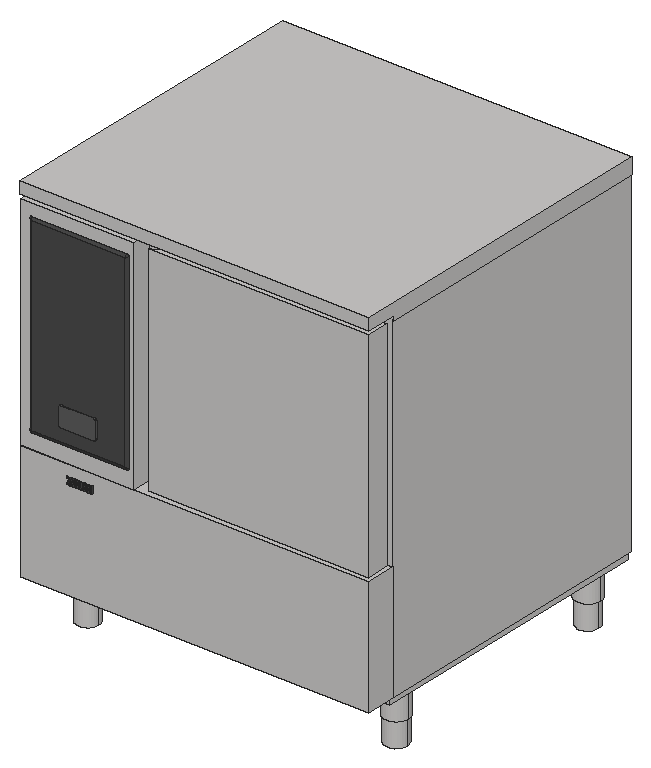
Revit family "QF_ZANUSSI_110544_ZBFA61TE", category Specialty Equipment, Revit 2018
Family settings
  Round Connector Dimension = Use Diameter
  Part Type = Normal
  Work Plane-Based = No
  Always vertical = Yes
  Cut with Voids When Loaded = No
  Shared = No
  Room Calculation Point = No
Parameters
  Weight = 0.00 kg
  Watts = 250.838 W
  Volts = 380 V
  URL Manufacturer = "http://www.zanussiprofessional.com"
  URL = "http://www.zanussiprofessional.com"
  Steam Supply Size = 0 mm
  Steam Supply Minimum Pressure = 0.0 Pa
  Steam Supply Maximum Pressure = 0.0 Pa
  Steam Pounds per Hour = 0
  Show Logo [instance] = yes
  Show Clearance [instance] = yes
  Refrigeration Suction Line Size = 0 mm
  Refrigeration Liquid Line Size = 0 mm
  Refrigerant Compressor Remote = yes
  Manufacturer = "Zanussi"
  Phase = 3
  Model = "ZBFA61TE"
  Length Actual = 897 mm  # constant formula
  Item Number = "110544"
  Hot Water Size = 0 mm
  Height Actual = 1060 mm  # constant formula
  HP = "3.6 HP"
  Gas Size = 0 mm
  Gas KW = 0
  Gas Input Pressure = 0 W
  Description = "RAPIDO BLAST CHILLER FREEZER 30/30KG 6 GN 1/1 - WITH TOP"
  Depth Actual = 937 mm  # constant formula
  Cycle = 50 Hz
  Condensate Return Size = 0 mm
  Compressed Air Volume = 0.0 L/s
  Compressed Air Size = 0 mm
  Compressed Air Pressure = 0.0 Pa
  Cold Water Size = 0 mm
  Accessory = yes
Reference planes
  plane 1 "Center X": y = 126.851
  plane 2: z = 0
  plane 3 "Center Y": x = -311.5
  plane 4 "LEFT": x = -760
  plane 5 "BACK": y = 548.851
  plane 6 "RIGHT": x = 137
  plane 7 "FRONT": y = -295.149
  plane 8: z = 130
  plane 9 "TOP": z = 1060.038
  plane 10: x = -708
  plane 11: y = 473.851
  plane 12: x = 85
  plane 13: y = -142.149
  plane 14: z = 1020.038
  plane 15: y = 641.851
  plane 16: y = -847.149
Forms (mm)
  Extrusion 1, solid, material "QF_Finishes_Stainless Steel"
    sketch origin (0, 0, 1060.038) x (-1, 0, 0) y (0, -1, 0)
      loop
        line (759, -548.851) -> (759, 216.149) -> (-136, 216.149) -> (-136, -548.851) -> (759, -548.851)
    from -40 to -910.018
  Extrusion 2, solid, material "QF_Finishes_Stainless Steel"
    sketch origin (0, -295.149, 0) x (-1, 0, 0) y (0, 0, 1)
      loop
        line (451.2, 1020.033) -> (-135.995, 1020.033) -> (-135.995, 462.497) -> (451.2, 462.497) -> (451.2, 1020.033)
    from 0 to 60
  Extrusion 3, void
    sketch origin (-759, -216.149, 1060.038) x (-1, 0, 0) y (0, 0, 1)
      loop
        line (-370.8, -100) -> (-826.8, -100) -> (-826.8, -491.98) -> (-370.8, -491.98) -> (-370.8, -100)
    from 0 to 703
  Extrusion 4, solid, material "QF_Finishes_Stainless Steel"
    sketch origin (-760, -0.954, 0) x (0, 1, 0) y (0, 0, 1)
      loop
        line (549.805, 694.306) -> (549.805, 392.314) -> (635.5, 399.789)
        arc (635.5, 399.789) -> (640.702, 402.354) -> (642.805, 407.759) r 8
        line (642.805, 407.759) -> (642.805, 433.233)
        arc (642.805, 433.233) -> (638.783, 442.547) -> (642.805, 451.86) r 12.795
        line (642.805, 451.86) -> (642.805, 483.24)
        arc (642.805, 483.24) -> (638.783, 492.554) -> (642.805, 501.867) r 12.795
        line (642.805, 501.867) -> (642.805, 533.247)
        arc (642.805, 533.247) -> (638.783, 542.56) -> (642.805, 551.874) r 12.795
        line (642.805, 551.874) -> (642.805, 583.254)
        arc (642.805, 583.254) -> (638.783, 592.567) -> (642.805, 601.881) r 12.795
        line (642.805, 601.881) -> (642.805, 634.796)
        arc (642.805, 634.796) -> (641.466, 639.795) -> (637.808, 643.455) r 10
        line (637.808, 643.455) -> (549.805, 694.306)
    from 123.244 to 306.92
  Extrusion 5, solid, material "QF_Finishes_Stainless Steel"
    sketch origin (-817.599, 548.851, 1060.038) x (1, 0, 0) y (0, 0, -1)
      loop
        circle (121.599, 802.038) r 10.5
    from 0 to 29
  Extrusion 6, solid, material "QF_Finishes_Stainless Steel"
    sketch origin (0, 0, 1060.038) x (-1, 0, 0) y (0, -1, 0)
      loop
        line (759, 295.149) -> (467.2, 295.149) -> (467.2, 217.149) -> (759, 217.149) -> (759, 295.149)
    from -40 to -607
  Extrusion 7, solid, material "QF_Finishes_Stainless Steel"
    sketch origin (-1206.916, -1524, 130) x (-1, 0, 0) y (0, -1, 0)
      loop
        line (-447.916, -1228.851) -> (-1342.916, -1228.851) -> (-1342.916, -1306.851) -> (-447.916, -1306.851) -> (-447.916, -1228.851)
    from 322 to 20.02
  Extrusion 8, solid, material "QF_Finishes_Stainless Steel"
    sketch origin (-311.5, 0, 0) x (0, 1, 0) y (0, 0, 1)
      loop
        line (548.851, 1060.038) -> (-295.149, 1060.038) -> (-295.149, 1030.034) -> (-216.149, 1030.034) -> (-216.149, 1020.038) -> (548.851, 1020.038) -> (548.851, 1060.038)
    from -448.5 to 448.5
  Extrusion 9, solid, material "QF_Finishes_Stainless Steel"
    sketch origin (0, 0, 1060.038) x (-1, 0, 0) y (0, -1, 0)
      loop
        line (748.993, -548.851) -> (748.993, 214.216) -> (-125.993, 214.216) -> (-125.993, -548.851) -> (748.993, -548.851)
    from -910.018 to -930.038
  Extrusion 10, solid, material "QF_Finishes_Stainless Steel"
    sketch origin (0, 0, 130) x (0, -1, 0) y (-1, 0, 0)
      loop
        circle (-215.851, 360) r 9.5
    from 0 to 31.68
  Extrusion 11, void
    sketch origin (0, 0, 1060.038) x (-1, 0, 0) y (0, -1, 0)
      loop
        line (627.033, -641.851) -> (636.756, -641.851) -> (636.756, -548.851) -> (635.125, -548.851) -> (627.033, -641.851)
      loop
        line (454.711, -548.851) -> (453.08, -548.851) -> (453.08, -641.851) -> (462.803, -641.851) -> (454.711, -548.851)
    from -673 to -363
  Extrusion 12, solid, material "QF_Door-Drawer Clearances", visible <- "Show Clearance", detail levels coarse
    sketch origin (143, -393.449, 0) x (0, -1, 0) y (0, 0, 1)
      loop
        line (451.2, 1020.033) -> (-98.3, 1020.033) -> (-98.3, 462.497) -> (451.2, 462.497) -> (451.2, 1020.033)
    from 0 to 60
  Extrusion 13, solid, material "QF_Door-Drawer Clearances", visible <- "Show Clearance", detail levels coarse
    sketch origin (0, 0, 1060.038) x (-1, 0, 0) y (0, -1, 0)
      loop
        line (-83, 295.149) -> (451.2, 295.149)
        arc (451.2, 295.149) -> (290.883, 673.709) -> (-83, 844.649) r 567.425
        line (-83, 844.649) -> (-83, 295.149)
    from -597.541 to -40
  Extrusion 14, void
    sketch origin (0, 0, 0) x (1, 0, 0) y (0, 1, 0)
      loop
        line (-405.892, -262.922) -> (-451.2, -262.922) -> (-451.2, -295.149) -> (-429.238, -295.149) -> (-401.532, -278.514)
        arc (-401.532, -278.514) -> (-397.768, -269.056) -> (-405.892, -262.922) r 8.395
    from 462.497 to 1020.033
  Extrusion 15, void
    sketch origin (-152.149, -393.449, 0) x (0, 1, 0) y (-1, 0, 0)
      loop
        line (-405.892, -262.922) -> (-451.2, -262.922) -> (-451.2, -295.149) -> (-429.238, -295.149) -> (-401.532, -278.514)
        arc (-401.532, -278.514) -> (-397.768, -269.056) -> (-405.892, -262.922) r 8.395
    from 462.497 to 1020.033
Cuts and joins
  Extrusion 3 cuts Extrusion 1
  Extrusion 11 cuts Extrusion 4
  joined: Extrusion 1, Extrusion 4, Extrusion 5, Extrusion 8, Extrusion 9, Extrusion 10
  Extrusion 15 cuts Extrusion 12
  joined: Extrusion 12, Extrusion 13
  Extrusion 14, Extrusion 15 cuts Extrusion 7
  Extrusion 14 cuts Extrusion 2
Lines and regions (mm)
  Split face 1
    outline origin (-489, -295.149, 130) x (-1, 0, 0) y (0, 0, -1)
      loop
        line (-132.388, -290.639) -> (-22.373, -290.639) -> (-22.373, -285.612) -> (-132.388, -285.612) -> (-132.388, -290.639)
  Split face 2
    outline origin (-489, -295.149, 120.528) x (-1, 0, 0) y (0, 0, -1)
      loop
        line (-132.388, -290.639) -> (-22.373, -290.639) -> (-22.373, -285.612) -> (-132.388, -285.612) -> (-132.388, -290.639)
  Split face 3
    outline origin (-489, -295.149, 111.056) x (-1, 0, 0) y (0, 0, -1)
      loop
        line (-132.388, -290.639) -> (-22.373, -290.639) -> (-22.373, -285.612) -> (-132.388, -285.612) -> (-132.388, -290.639)
  Split face 4
    outline origin (-489, -295.149, 101.583) x (-1, 0, 0) y (0, 0, -1)
      loop
        line (-132.388, -290.639) -> (-22.373, -290.639) -> (-22.373, -285.612) -> (-132.388, -285.612) -> (-132.388, -290.639)
  Split face 5
    outline origin (-489, -295.149, 92.111) x (-1, 0, 0) y (0, 0, -1)
      loop
        line (-132.388, -290.639) -> (-22.373, -290.639) -> (-22.373, -285.612) -> (-132.388, -285.612) -> (-132.388, -290.639)
  Split face 6
    outline origin (-489, -295.149, 82.639) x (-1, 0, 0) y (0, 0, -1)
      loop
        line (-132.388, -290.639) -> (-22.373, -290.639) -> (-22.373, -285.612) -> (-132.388, -285.612) -> (-132.388, -290.639)
  Split face 7
    outline origin (-489, -295.149, 73.167) x (-1, 0, 0) y (0, 0, -1)
      loop
        line (-132.388, -290.639) -> (-22.373, -290.639) -> (-22.373, -285.612) -> (-132.388, -285.612) -> (-132.388, -290.639)
  Split face 8
    outline origin (-489, -295.149, 63.695) x (-1, 0, 0) y (0, 0, -1)
      loop
        line (-132.388, -290.639) -> (-22.373, -290.639) -> (-22.373, -285.612) -> (-132.388, -285.612) -> (-132.388, -290.639)
  Split face 9
    outline origin (-489, -295.149, 54.223) x (-1, 0, 0) y (0, 0, -1)
      loop
        line (-132.388, -290.639) -> (-22.373, -290.639) -> (-22.373, -285.612) -> (-132.388, -285.612) -> (-132.388, -290.639)
  Split face 10
    outline origin (-489, -295.149, 44.75) x (-1, 0, 0) y (0, 0, -1)
      loop
        line (-132.388, -290.639) -> (-22.373, -290.639) -> (-22.373, -285.612) -> (-132.388, -285.612) -> (-132.388, -290.639)
  Split face 11
    outline origin (-489, -295.149, 35.278) x (-1, 0, 0) y (0, 0, -1)
      loop
        line (-132.388, -290.639) -> (-22.373, -290.639) -> (-22.373, -285.612) -> (-132.388, -285.612) -> (-132.388, -290.639)
  Split face 12
    outline origin (-489, -295.149, 25.806) x (-1, 0, 0) y (0, 0, -1)
      loop
        line (-132.388, -290.639) -> (-22.373, -290.639) -> (-22.373, -285.612) -> (-132.388, -285.612) -> (-132.388, -290.639)
  Split face 13
    outline origin (-489, -295.149, 16.334) x (-1, 0, 0) y (0, 0, -1)
      loop
        line (-132.388, -290.639) -> (-22.373, -290.639) -> (-22.373, -285.612) -> (-132.388, -285.612) -> (-132.388, -290.639)
  Split face 14
    outline origin (-489, -295.149, 6.862) x (-1, 0, 0) y (0, 0, -1)
      loop
        line (-132.388, -290.639) -> (-22.373, -290.639) -> (-22.373, -285.612) -> (-132.388, -285.612) -> (-132.388, -290.639)
  Split face 15
    outline origin (-489, -295.149, -2.611) x (-1, 0, 0) y (0, 0, -1)
      loop
        line (-132.388, -290.639) -> (-22.373, -290.639) -> (-22.373, -285.612) -> (-132.388, -285.612) -> (-132.388, -290.639)
  Split face 16
    outline origin (-489, -295.149, -12.083) x (-1, 0, 0) y (0, 0, -1)
      loop
        line (-132.388, -290.639) -> (-22.373, -290.639) -> (-22.373, -285.612) -> (-132.388, -285.612) -> (-132.388, -290.639)
  Split face 17
    outline origin (-489, -295.149, -21.555) x (-1, 0, 0) y (0, 0, -1)
      loop
        line (-132.388, -290.639) -> (-22.373, -290.639) -> (-22.373, -285.612) -> (-132.388, -285.612) -> (-132.388, -290.639)
  Split face 18
    outline origin (-489, -295.149, -31.027) x (-1, 0, 0) y (0, 0, -1)
      loop
        line (-132.388, -290.639) -> (-22.373, -290.639) -> (-22.373, -285.612) -> (-132.388, -285.612) -> (-132.388, -290.639)
  Split face 19
    outline origin (-489, -295.149, -40.499) x (-1, 0, 0) y (0, 0, -1)
      loop
        line (-132.388, -290.639) -> (-22.373, -290.639) -> (-22.373, -285.612) -> (-132.388, -285.612) -> (-132.388, -290.639)
  Split face 20
    outline origin (-489, -295.149, -49.972) x (-1, 0, 0) y (0, 0, -1)
      loop
        line (-132.388, -290.639) -> (-22.373, -290.639) -> (-22.373, -285.612) -> (-132.388, -285.612) -> (-132.388, -290.639)
  Split face 21
    outline origin (-489, -295.149, -59.444) x (-1, 0, 0) y (0, 0, -1)
      loop
        line (-132.388, -290.639) -> (-22.373, -290.639) -> (-22.373, -285.612) -> (-132.388, -285.612) -> (-132.388, -290.639)
  Split face 22
    outline origin (-489, -295.149, -68.916) x (-1, 0, 0) y (0, 0, -1)
      loop
        line (-132.388, -290.639) -> (-22.373, -290.639) -> (-22.373, -285.612) -> (-132.388, -285.612) -> (-132.388, -290.639)
  Split face 23
    outline origin (-489, -295.149, -78.388) x (-1, 0, 0) y (0, 0, -1)
      loop
        line (-132.388, -290.639) -> (-22.373, -290.639) -> (-22.373, -285.612) -> (-132.388, -285.612) -> (-132.388, -290.639)
  Split face 24
    outline origin (-489, -295.149, -87.86) x (-1, 0, 0) y (0, 0, -1)
      loop
        line (-132.388, -290.639) -> (-22.373, -290.639) -> (-22.373, -285.612) -> (-132.388, -285.612) -> (-132.388, -290.639)
  Split face 25
    outline origin (-489, -295.149, -97.332) x (-1, 0, 0) y (0, 0, -1)
      loop
        line (-132.388, -290.639) -> (-22.373, -290.639) -> (-22.373, -285.612) -> (-132.388, -285.612) -> (-132.388, -290.639)
  Split face 26
    outline origin (-489, -295.149, -106.805) x (-1, 0, 0) y (0, 0, -1)
      loop
        line (-132.388, -290.639) -> (-22.373, -290.639) -> (-22.373, -285.612) -> (-132.388, -285.612) -> (-132.388, -290.639)
  Split face 27
    outline origin (-373.984, -295.149, 130) x (-1, 0, 0) y (0, 0, -1)
      loop
        line (-132.388, -290.639) -> (-22.373, -290.639) -> (-22.373, -285.612) -> (-132.388, -285.612) -> (-132.388, -290.639)
  Split face 28
    outline origin (-373.984, -295.149, 120.528) x (-1, 0, 0) y (0, 0, -1)
      loop
        line (-132.388, -290.639) -> (-22.373, -290.639) -> (-22.373, -285.612) -> (-132.388, -285.612) -> (-132.388, -290.639)
  Split face 29
    outline origin (-373.984, -295.149, 111.056) x (-1, 0, 0) y (0, 0, -1)
      loop
        line (-132.388, -290.639) -> (-22.373, -290.639) -> (-22.373, -285.612) -> (-132.388, -285.612) -> (-132.388, -290.639)
  Split face 30
    outline origin (-373.984, -295.149, 101.583) x (-1, 0, 0) y (0, 0, -1)
      loop
        line (-132.388, -290.639) -> (-22.373, -290.639) -> (-22.373, -285.612) -> (-132.388, -285.612) -> (-132.388, -290.639)
  Split face 31
    outline origin (-373.984, -295.149, 92.111) x (-1, 0, 0) y (0, 0, -1)
      loop
        line (-132.388, -290.639) -> (-22.373, -290.639) -> (-22.373, -285.612) -> (-132.388, -285.612) -> (-132.388, -290.639)
  Split face 32
    outline origin (-373.984, -295.149, 82.639) x (-1, 0, 0) y (0, 0, -1)
      loop
        line (-132.388, -290.639) -> (-22.373, -290.639) -> (-22.373, -285.612) -> (-132.388, -285.612) -> (-132.388, -290.639)
  Split face 33
    outline origin (-373.984, -295.149, 73.167) x (-1, 0, 0) y (0, 0, -1)
      loop
        line (-132.388, -290.639) -> (-22.373, -290.639) -> (-22.373, -285.612) -> (-132.388, -285.612) -> (-132.388, -290.639)
  Split face 34
    outline origin (-373.984, -295.149, 63.695) x (-1, 0, 0) y (0, 0, -1)
      loop
        line (-132.388, -290.639) -> (-22.373, -290.639) -> (-22.373, -285.612) -> (-132.388, -285.612) -> (-132.388, -290.639)
  Split face 35
    outline origin (-373.984, -295.149, 54.223) x (-1, 0, 0) y (0, 0, -1)
      loop
        line (-132.388, -290.639) -> (-22.373, -290.639) -> (-22.373, -285.612) -> (-132.388, -285.612) -> (-132.388, -290.639)
  Split face 36
    outline origin (-373.984, -295.149, 44.75) x (-1, 0, 0) y (0, 0, -1)
      loop
        line (-132.388, -290.639) -> (-22.373, -290.639) -> (-22.373, -285.612) -> (-132.388, -285.612) -> (-132.388, -290.639)
  Split face 37
    outline origin (-373.984, -295.149, 35.278) x (-1, 0, 0) y (0, 0, -1)
      loop
        line (-132.388, -290.639) -> (-22.373, -290.639) -> (-22.373, -285.612) -> (-132.388, -285.612) -> (-132.388, -290.639)
  Split face 38
    outline origin (-373.984, -295.149, 25.806) x (-1, 0, 0) y (0, 0, -1)
      loop
        line (-132.388, -290.639) -> (-22.373, -290.639) -> (-22.373, -285.612) -> (-132.388, -285.612) -> (-132.388, -290.639)
  Split face 39
    outline origin (-373.984, -295.149, 16.334) x (-1, 0, 0) y (0, 0, -1)
      loop
        line (-132.388, -290.639) -> (-22.373, -290.639) -> (-22.373, -285.612) -> (-132.388, -285.612) -> (-132.388, -290.639)
  Split face 40
    outline origin (-373.984, -295.149, 6.862) x (-1, 0, 0) y (0, 0, -1)
      loop
        line (-132.388, -290.639) -> (-22.373, -290.639) -> (-22.373, -285.612) -> (-132.388, -285.612) -> (-132.388, -290.639)
  Split face 41
    outline origin (-373.984, -295.149, -2.611) x (-1, 0, 0) y (0, 0, -1)
      loop
        line (-132.388, -290.639) -> (-22.373, -290.639) -> (-22.373, -285.612) -> (-132.388, -285.612) -> (-132.388, -290.639)
  Split face 42
    outline origin (-373.984, -295.149, -12.083) x (-1, 0, 0) y (0, 0, -1)
      loop
        line (-132.388, -290.639) -> (-22.373, -290.639) -> (-22.373, -285.612) -> (-132.388, -285.612) -> (-132.388, -290.639)
  Split face 43
    outline origin (-373.984, -295.149, -21.555) x (-1, 0, 0) y (0, 0, -1)
      loop
        line (-132.388, -290.639) -> (-22.373, -290.639) -> (-22.373, -285.612) -> (-132.388, -285.612) -> (-132.388, -290.639)
  Split face 44
    outline origin (-373.984, -295.149, -31.027) x (-1, 0, 0) y (0, 0, -1)
      loop
        line (-132.388, -290.639) -> (-22.373, -290.639) -> (-22.373, -285.612) -> (-132.388, -285.612) -> (-132.388, -290.639)
  Split face 45
    outline origin (-373.984, -295.149, -40.499) x (-1, 0, 0) y (0, 0, -1)
      loop
        line (-132.388, -290.639) -> (-22.373, -290.639) -> (-22.373, -285.612) -> (-132.388, -285.612) -> (-132.388, -290.639)
  Split face 46
    outline origin (-373.984, -295.149, -49.972) x (-1, 0, 0) y (0, 0, -1)
      loop
        line (-132.388, -290.639) -> (-22.373, -290.639) -> (-22.373, -285.612) -> (-132.388, -285.612) -> (-132.388, -290.639)
  Split face 47
    outline origin (-373.984, -295.149, -59.444) x (-1, 0, 0) y (0, 0, -1)
      loop
        line (-132.388, -290.639) -> (-22.373, -290.639) -> (-22.373, -285.612) -> (-132.388, -285.612) -> (-132.388, -290.639)
  Split face 48
    outline origin (-373.984, -295.149, -68.916) x (-1, 0, 0) y (0, 0, -1)
      loop
        line (-132.388, -290.639) -> (-22.373, -290.639) -> (-22.373, -285.612) -> (-132.388, -285.612) -> (-132.388, -290.639)
  Split face 49
    outline origin (-373.984, -295.149, -78.388) x (-1, 0, 0) y (0, 0, -1)
      loop
        line (-132.388, -290.639) -> (-22.373, -290.639) -> (-22.373, -285.612) -> (-132.388, -285.612) -> (-132.388, -290.639)
  Split face 50
    outline origin (-373.984, -295.149, -87.86) x (-1, 0, 0) y (0, 0, -1)
      loop
        line (-132.388, -290.639) -> (-22.373, -290.639) -> (-22.373, -285.612) -> (-132.388, -285.612) -> (-132.388, -290.639)
  Split face 51
    outline origin (-373.984, -295.149, -97.332) x (-1, 0, 0) y (0, 0, -1)
      loop
        line (-132.388, -290.639) -> (-22.373, -290.639) -> (-22.373, -285.612) -> (-132.388, -285.612) -> (-132.388, -290.639)
  Split face 52
    outline origin (-373.984, -295.149, -106.805) x (-1, 0, 0) y (0, 0, -1)
      loop
        line (-132.388, -290.639) -> (-22.373, -290.639) -> (-22.373, -285.612) -> (-132.388, -285.612) -> (-132.388, -290.639)
  Split face 53
    outline origin (-258.969, -295.149, 130) x (-1, 0, 0) y (0, 0, -1)
      loop
        line (-132.388, -290.639) -> (-22.373, -290.639) -> (-22.373, -285.612) -> (-132.388, -285.612) -> (-132.388, -290.639)
  Split face 54
    outline origin (-258.969, -295.149, 120.528) x (-1, 0, 0) y (0, 0, -1)
      loop
        line (-132.388, -290.639) -> (-22.373, -290.639) -> (-22.373, -285.612) -> (-132.388, -285.612) -> (-132.388, -290.639)
  Split face 55
    outline origin (-258.969, -295.149, 111.056) x (-1, 0, 0) y (0, 0, -1)
      loop
        line (-132.388, -290.639) -> (-22.373, -290.639) -> (-22.373, -285.612) -> (-132.388, -285.612) -> (-132.388, -290.639)
  Split face 56
    outline origin (-258.969, -295.149, 101.583) x (-1, 0, 0) y (0, 0, -1)
      loop
        line (-132.388, -290.639) -> (-22.373, -290.639) -> (-22.373, -285.612) -> (-132.388, -285.612) -> (-132.388, -290.639)
  Split face 57
    outline origin (-258.969, -295.149, 92.111) x (-1, 0, 0) y (0, 0, -1)
      loop
        line (-132.388, -290.639) -> (-22.373, -290.639) -> (-22.373, -285.612) -> (-132.388, -285.612) -> (-132.388, -290.639)
  Split face 58
    outline origin (-258.969, -295.149, 82.639) x (-1, 0, 0) y (0, 0, -1)
      loop
        line (-132.388, -290.639) -> (-22.373, -290.639) -> (-22.373, -285.612) -> (-132.388, -285.612) -> (-132.388, -290.639)
  Split face 59
    outline origin (-258.969, -295.149, 73.167) x (-1, 0, 0) y (0, 0, -1)
      loop
        line (-132.388, -290.639) -> (-22.373, -290.639) -> (-22.373, -285.612) -> (-132.388, -285.612) -> (-132.388, -290.639)
  Split face 60
    outline origin (-258.969, -295.149, 63.695) x (-1, 0, 0) y (0, 0, -1)
      loop
        line (-132.388, -290.639) -> (-22.373, -290.639) -> (-22.373, -285.612) -> (-132.388, -285.612) -> (-132.388, -290.639)
  Split face 61
    outline origin (-258.969, -295.149, 54.223) x (-1, 0, 0) y (0, 0, -1)
      loop
        line (-132.388, -290.639) -> (-22.373, -290.639) -> (-22.373, -285.612) -> (-132.388, -285.612) -> (-132.388, -290.639)
  Split face 62
    outline origin (-258.969, -295.149, 44.75) x (-1, 0, 0) y (0, 0, -1)
      loop
        line (-132.388, -290.639) -> (-22.373, -290.639) -> (-22.373, -285.612) -> (-132.388, -285.612) -> (-132.388, -290.639)
  Split face 63
    outline origin (-258.969, -295.149, 35.278) x (-1, 0, 0) y (0, 0, -1)
      loop
        line (-132.388, -290.639) -> (-22.373, -290.639) -> (-22.373, -285.612) -> (-132.388, -285.612) -> (-132.388, -290.639)
  Split face 64
    outline origin (-258.969, -295.149, 25.806) x (-1, 0, 0) y (0, 0, -1)
      loop
        line (-132.388, -290.639) -> (-22.373, -290.639) -> (-22.373, -285.612) -> (-132.388, -285.612) -> (-132.388, -290.639)
  Split face 65
    outline origin (-258.969, -295.149, 16.334) x (-1, 0, 0) y (0, 0, -1)
      loop
        line (-132.388, -290.639) -> (-22.373, -290.639) -> (-22.373, -285.612) -> (-132.388, -285.612) -> (-132.388, -290.639)
  Split face 66
    outline origin (-258.969, -295.149, 6.862) x (-1, 0, 0) y (0, 0, -1)
      loop
        line (-132.388, -290.639) -> (-22.373, -290.639) -> (-22.373, -285.612) -> (-132.388, -285.612) -> (-132.388, -290.639)
  Split face 67
    outline origin (-258.969, -295.149, -2.611) x (-1, 0, 0) y (0, 0, -1)
      loop
        line (-132.388, -290.639) -> (-22.373, -290.639) -> (-22.373, -285.612) -> (-132.388, -285.612) -> (-132.388, -290.639)
  Split face 68
    outline origin (-258.969, -295.149, -12.083) x (-1, 0, 0) y (0, 0, -1)
      loop
        line (-132.388, -290.639) -> (-22.373, -290.639) -> (-22.373, -285.612) -> (-132.388, -285.612) -> (-132.388, -290.639)
  Split face 69
    outline origin (-258.969, -295.149, -21.555) x (-1, 0, 0) y (0, 0, -1)
      loop
        line (-132.388, -290.639) -> (-22.373, -290.639) -> (-22.373, -285.612) -> (-132.388, -285.612) -> (-132.388, -290.639)
  Split face 70
    outline origin (-258.969, -295.149, -31.027) x (-1, 0, 0) y (0, 0, -1)
      loop
        line (-132.388, -290.639) -> (-22.373, -290.639) -> (-22.373, -285.612) -> (-132.388, -285.612) -> (-132.388, -290.639)
  Split face 71
    outline origin (-258.969, -295.149, -40.499) x (-1, 0, 0) y (0, 0, -1)
      loop
        line (-132.388, -290.639) -> (-22.373, -290.639) -> (-22.373, -285.612) -> (-132.388, -285.612) -> (-132.388, -290.639)
  Split face 72
    outline origin (-258.969, -295.149, -49.972) x (-1, 0, 0) y (0, 0, -1)
      loop
        line (-132.388, -290.639) -> (-22.373, -290.639) -> (-22.373, -285.612) -> (-132.388, -285.612) -> (-132.388, -290.639)
  Split face 73
    outline origin (-258.969, -295.149, -59.444) x (-1, 0, 0) y (0, 0, -1)
      loop
        line (-132.388, -290.639) -> (-22.373, -290.639) -> (-22.373, -285.612) -> (-132.388, -285.612) -> (-132.388, -290.639)
  Split face 74
    outline origin (-258.969, -295.149, -68.916) x (-1, 0, 0) y (0, 0, -1)
      loop
        line (-132.388, -290.639) -> (-22.373, -290.639) -> (-22.373, -285.612) -> (-132.388, -285.612) -> (-132.388, -290.639)
  Split face 75
    outline origin (-258.969, -295.149, -78.388) x (-1, 0, 0) y (0, 0, -1)
      loop
        line (-132.388, -290.639) -> (-22.373, -290.639) -> (-22.373, -285.612) -> (-132.388, -285.612) -> (-132.388, -290.639)
  Split face 76
    outline origin (-258.969, -295.149, -87.86) x (-1, 0, 0) y (0, 0, -1)
      loop
        line (-132.388, -290.639) -> (-22.373, -290.639) -> (-22.373, -285.612) -> (-132.388, -285.612) -> (-132.388, -290.639)
  Split face 77
    outline origin (-258.969, -295.149, -97.332) x (-1, 0, 0) y (0, 0, -1)
      loop
        line (-132.388, -290.639) -> (-22.373, -290.639) -> (-22.373, -285.612) -> (-132.388, -285.612) -> (-132.388, -290.639)
  Split face 78
    outline origin (-258.969, -295.149, -106.805) x (-1, 0, 0) y (0, 0, -1)
      loop
        line (-132.388, -290.639) -> (-22.373, -290.639) -> (-22.373, -285.612) -> (-132.388, -285.612) -> (-132.388, -290.639)
  Split face 79
    outline origin (-143.953, -295.149, 130) x (-1, 0, 0) y (0, 0, -1)
      loop
        line (-132.388, -290.639) -> (-22.373, -290.639) -> (-22.373, -285.612) -> (-132.388, -285.612) -> (-132.388, -290.639)
  Split face 80
    outline origin (-143.953, -295.149, 120.528) x (-1, 0, 0) y (0, 0, -1)
      loop
        line (-132.388, -290.639) -> (-22.373, -290.639) -> (-22.373, -285.612) -> (-132.388, -285.612) -> (-132.388, -290.639)
  Split face 81
    outline origin (-143.953, -295.149, 111.056) x (-1, 0, 0) y (0, 0, -1)
      loop
        line (-132.388, -290.639) -> (-22.373, -290.639) -> (-22.373, -285.612) -> (-132.388, -285.612) -> (-132.388, -290.639)
  Split face 82
    outline origin (-143.953, -295.149, 101.583) x (-1, 0, 0) y (0, 0, -1)
      loop
        line (-132.388, -290.639) -> (-22.373, -290.639) -> (-22.373, -285.612) -> (-132.388, -285.612) -> (-132.388, -290.639)
  Split face 83
    outline origin (-143.953, -295.149, 92.111) x (-1, 0, 0) y (0, 0, -1)
      loop
        line (-132.388, -290.639) -> (-22.373, -290.639) -> (-22.373, -285.612) -> (-132.388, -285.612) -> (-132.388, -290.639)
  Split face 84
    outline origin (-143.953, -295.149, 82.639) x (-1, 0, 0) y (0, 0, -1)
      loop
        line (-132.388, -290.639) -> (-22.373, -290.639) -> (-22.373, -285.612) -> (-132.388, -285.612) -> (-132.388, -290.639)
  Split face 85
    outline origin (-143.953, -295.149, 73.167) x (-1, 0, 0) y (0, 0, -1)
      loop
        line (-132.388, -290.639) -> (-22.373, -290.639) -> (-22.373, -285.612) -> (-132.388, -285.612) -> (-132.388, -290.639)
  Split face 86
    outline origin (-143.953, -295.149, 63.695) x (-1, 0, 0) y (0, 0, -1)
      loop
        line (-132.388, -290.639) -> (-22.373, -290.639) -> (-22.373, -285.612) -> (-132.388, -285.612) -> (-132.388, -290.639)
  Split face 87
    outline origin (-143.953, -295.149, 54.223) x (-1, 0, 0) y (0, 0, -1)
      loop
        line (-132.388, -290.639) -> (-22.373, -290.639) -> (-22.373, -285.612) -> (-132.388, -285.612) -> (-132.388, -290.639)
  Split face 88
    outline origin (-143.953, -295.149, 44.75) x (-1, 0, 0) y (0, 0, -1)
      loop
        line (-132.388, -290.639) -> (-22.373, -290.639) -> (-22.373, -285.612) -> (-132.388, -285.612) -> (-132.388, -290.639)
  Split face 89
    outline origin (-143.953, -295.149, 35.278) x (-1, 0, 0) y (0, 0, -1)
      loop
        line (-132.388, -290.639) -> (-22.373, -290.639) -> (-22.373, -285.612) -> (-132.388, -285.612) -> (-132.388, -290.639)
  Split face 90
    outline origin (-143.953, -295.149, 25.806) x (-1, 0, 0) y (0, 0, -1)
      loop
        line (-132.388, -290.639) -> (-22.373, -290.639) -> (-22.373, -285.612) -> (-132.388, -285.612) -> (-132.388, -290.639)
  Split face 91
    outline origin (-143.953, -295.149, 16.334) x (-1, 0, 0) y (0, 0, -1)
      loop
        line (-132.388, -290.639) -> (-22.373, -290.639) -> (-22.373, -285.612) -> (-132.388, -285.612) -> (-132.388, -290.639)
  Split face 92
    outline origin (-143.953, -295.149, 6.862) x (-1, 0, 0) y (0, 0, -1)
      loop
        line (-132.388, -290.639) -> (-22.373, -290.639) -> (-22.373, -285.612) -> (-132.388, -285.612) -> (-132.388, -290.639)
  Split face 93
    outline origin (-143.953, -295.149, -2.611) x (-1, 0, 0) y (0, 0, -1)
      loop
        line (-132.388, -290.639) -> (-22.373, -290.639) -> (-22.373, -285.612) -> (-132.388, -285.612) -> (-132.388, -290.639)
  Split face 94
    outline origin (-143.953, -295.149, -12.083) x (-1, 0, 0) y (0, 0, -1)
      loop
        line (-132.388, -290.639) -> (-22.373, -290.639) -> (-22.373, -285.612) -> (-132.388, -285.612) -> (-132.388, -290.639)
  Split face 95
    outline origin (-143.953, -295.149, -21.555) x (-1, 0, 0) y (0, 0, -1)
      loop
        line (-132.388, -290.639) -> (-22.373, -290.639) -> (-22.373, -285.612) -> (-132.388, -285.612) -> (-132.388, -290.639)
  Split face 96
    outline origin (-143.953, -295.149, -31.027) x (-1, 0, 0) y (0, 0, -1)
      loop
        line (-132.388, -290.639) -> (-22.373, -290.639) -> (-22.373, -285.612) -> (-132.388, -285.612) -> (-132.388, -290.639)
  Split face 97
    outline origin (-143.953, -295.149, -40.499) x (-1, 0, 0) y (0, 0, -1)
      loop
        line (-132.388, -290.639) -> (-22.373, -290.639) -> (-22.373, -285.612) -> (-132.388, -285.612) -> (-132.388, -290.639)
  Split face 98
    outline origin (-143.953, -295.149, -49.972) x (-1, 0, 0) y (0, 0, -1)
      loop
        line (-132.388, -290.639) -> (-22.373, -290.639) -> (-22.373, -285.612) -> (-132.388, -285.612) -> (-132.388, -290.639)
  Split face 99
    outline origin (-143.953, -295.149, -59.444) x (-1, 0, 0) y (0, 0, -1)
      loop
        line (-132.388, -290.639) -> (-22.373, -290.639) -> (-22.373, -285.612) -> (-132.388, -285.612) -> (-132.388, -290.639)
  Split face 100
    outline origin (-143.953, -295.149, -68.916) x (-1, 0, 0) y (0, 0, -1)
      loop
        line (-132.388, -290.639) -> (-22.373, -290.639) -> (-22.373, -285.612) -> (-132.388, -285.612) -> (-132.388, -290.639)
  Split face 101
    outline origin (-143.953, -295.149, -78.388) x (-1, 0, 0) y (0, 0, -1)
      loop
        line (-132.388, -290.639) -> (-22.373, -290.639) -> (-22.373, -285.612) -> (-132.388, -285.612) -> (-132.388, -290.639)
  Split face 102
    outline origin (-143.953, -295.149, -87.86) x (-1, 0, 0) y (0, 0, -1)
      loop
        line (-132.388, -290.639) -> (-22.373, -290.639) -> (-22.373, -285.612) -> (-132.388, -285.612) -> (-132.388, -290.639)
  Split face 103
    outline origin (-143.953, -295.149, -97.332) x (-1, 0, 0) y (0, 0, -1)
      loop
        line (-132.388, -290.639) -> (-22.373, -290.639) -> (-22.373, -285.612) -> (-132.388, -285.612) -> (-132.388, -290.639)
  Split face 104
    outline origin (-143.953, -295.149, -106.805) x (-1, 0, 0) y (0, 0, -1)
      loop
        line (-132.388, -290.639) -> (-22.373, -290.639) -> (-22.373, -285.612) -> (-132.388, -285.612) -> (-132.388, -290.639)
  Split face 105
    outline origin (-28.938, -295.149, 130) x (-1, 0, 0) y (0, 0, -1)
      loop
        line (-132.388, -290.639) -> (-22.373, -290.639) -> (-22.373, -285.612) -> (-132.388, -285.612) -> (-132.388, -290.639)
  Split face 106
    outline origin (-28.938, -295.149, 120.528) x (-1, 0, 0) y (0, 0, -1)
      loop
        line (-132.388, -290.639) -> (-22.373, -290.639) -> (-22.373, -285.612) -> (-132.388, -285.612) -> (-132.388, -290.639)
  Split face 107
    outline origin (-28.938, -295.149, 111.056) x (-1, 0, 0) y (0, 0, -1)
      loop
        line (-132.388, -290.639) -> (-22.373, -290.639) -> (-22.373, -285.612) -> (-132.388, -285.612) -> (-132.388, -290.639)
  Split face 108
    outline origin (-28.938, -295.149, 101.583) x (-1, 0, 0) y (0, 0, -1)
      loop
        line (-132.388, -290.639) -> (-22.373, -290.639) -> (-22.373, -285.612) -> (-132.388, -285.612) -> (-132.388, -290.639)
  Split face 109
    outline origin (-28.938, -295.149, 92.111) x (-1, 0, 0) y (0, 0, -1)
      loop
        line (-132.388, -290.639) -> (-22.373, -290.639) -> (-22.373, -285.612) -> (-132.388, -285.612) -> (-132.388, -290.639)
  Split face 110
    outline origin (-28.938, -295.149, 82.639) x (-1, 0, 0) y (0, 0, -1)
      loop
        line (-132.388, -290.639) -> (-22.373, -290.639) -> (-22.373, -285.612) -> (-132.388, -285.612) -> (-132.388, -290.639)
  Split face 111
    outline origin (-28.938, -295.149, 73.167) x (-1, 0, 0) y (0, 0, -1)
      loop
        line (-132.388, -290.639) -> (-22.373, -290.639) -> (-22.373, -285.612) -> (-132.388, -285.612) -> (-132.388, -290.639)
  Split face 112
    outline origin (-28.938, -295.149, 63.695) x (-1, 0, 0) y (0, 0, -1)
      loop
        line (-132.388, -290.639) -> (-22.373, -290.639) -> (-22.373, -285.612) -> (-132.388, -285.612) -> (-132.388, -290.639)
  Split face 113
    outline origin (-28.938, -295.149, 54.223) x (-1, 0, 0) y (0, 0, -1)
      loop
        line (-132.388, -290.639) -> (-22.373, -290.639) -> (-22.373, -285.612) -> (-132.388, -285.612) -> (-132.388, -290.639)
  Split face 114
    outline origin (-28.938, -295.149, 44.75) x (-1, 0, 0) y (0, 0, -1)
      loop
        line (-132.388, -290.639) -> (-22.373, -290.639) -> (-22.373, -285.612) -> (-132.388, -285.612) -> (-132.388, -290.639)
  Split face 115
    outline origin (-28.938, -295.149, 35.278) x (-1, 0, 0) y (0, 0, -1)
      loop
        line (-132.388, -290.639) -> (-22.373, -290.639) -> (-22.373, -285.612) -> (-132.388, -285.612) -> (-132.388, -290.639)
  Split face 116
    outline origin (-28.938, -295.149, 25.806) x (-1, 0, 0) y (0, 0, -1)
      loop
        line (-132.388, -290.639) -> (-22.373, -290.639) -> (-22.373, -285.612) -> (-132.388, -285.612) -> (-132.388, -290.639)
  Split face 117
    outline origin (-28.938, -295.149, 16.334) x (-1, 0, 0) y (0, 0, -1)
      loop
        line (-132.388, -290.639) -> (-22.373, -290.639) -> (-22.373, -285.612) -> (-132.388, -285.612) -> (-132.388, -290.639)
  Split face 118
    outline origin (-28.938, -295.149, 6.862) x (-1, 0, 0) y (0, 0, -1)
      loop
        line (-132.388, -290.639) -> (-22.373, -290.639) -> (-22.373, -285.612) -> (-132.388, -285.612) -> (-132.388, -290.639)
  Split face 119
    outline origin (-28.938, -295.149, -2.611) x (-1, 0, 0) y (0, 0, -1)
      loop
        line (-132.388, -290.639) -> (-22.373, -290.639) -> (-22.373, -285.612) -> (-132.388, -285.612) -> (-132.388, -290.639)
  Split face 120
    outline origin (-28.938, -295.149, -12.083) x (-1, 0, 0) y (0, 0, -1)
      loop
        line (-132.388, -290.639) -> (-22.373, -290.639) -> (-22.373, -285.612) -> (-132.388, -285.612) -> (-132.388, -290.639)
  Split face 121
    outline origin (-28.938, -295.149, -21.555) x (-1, 0, 0) y (0, 0, -1)
      loop
        line (-132.388, -290.639) -> (-22.373, -290.639) -> (-22.373, -285.612) -> (-132.388, -285.612) -> (-132.388, -290.639)
  Split face 122
    outline origin (-28.938, -295.149, -31.027) x (-1, 0, 0) y (0, 0, -1)
      loop
        line (-132.388, -290.639) -> (-22.373, -290.639) -> (-22.373, -285.612) -> (-132.388, -285.612) -> (-132.388, -290.639)
  Split face 123
    outline origin (-28.938, -295.149, -40.499) x (-1, 0, 0) y (0, 0, -1)
      loop
        line (-132.388, -290.639) -> (-22.373, -290.639) -> (-22.373, -285.612) -> (-132.388, -285.612) -> (-132.388, -290.639)
  Split face 124
    outline origin (-28.938, -295.149, -49.972) x (-1, 0, 0) y (0, 0, -1)
      loop
        line (-132.388, -290.639) -> (-22.373, -290.639) -> (-22.373, -285.612) -> (-132.388, -285.612) -> (-132.388, -290.639)
  Split face 125
    outline origin (-28.938, -295.149, -59.444) x (-1, 0, 0) y (0, 0, -1)
      loop
        line (-132.388, -290.639) -> (-22.373, -290.639) -> (-22.373, -285.612) -> (-132.388, -285.612) -> (-132.388, -290.639)
  Split face 126
    outline origin (-28.938, -295.149, -68.916) x (-1, 0, 0) y (0, 0, -1)
      loop
        line (-132.388, -290.639) -> (-22.373, -290.639) -> (-22.373, -285.612) -> (-132.388, -285.612) -> (-132.388, -290.639)
  Split face 127
    outline origin (-28.938, -295.149, -78.388) x (-1, 0, 0) y (0, 0, -1)
      loop
        line (-132.388, -290.639) -> (-22.373, -290.639) -> (-22.373, -285.612) -> (-132.388, -285.612) -> (-132.388, -290.639)
  Split face 128
    outline origin (-28.938, -295.149, -87.86) x (-1, 0, 0) y (0, 0, -1)
      loop
        line (-132.388, -290.639) -> (-22.373, -290.639) -> (-22.373, -285.612) -> (-132.388, -285.612) -> (-132.388, -290.639)
  Split face 129
    outline origin (-28.938, -295.149, -97.332) x (-1, 0, 0) y (0, 0, -1)
      loop
        line (-132.388, -290.639) -> (-22.373, -290.639) -> (-22.373, -285.612) -> (-132.388, -285.612) -> (-132.388, -290.639)
  Split face 130
    outline origin (-28.938, -295.149, -106.805) x (-1, 0, 0) y (0, 0, -1)
      loop
        line (-132.388, -290.639) -> (-22.373, -290.639) -> (-22.373, -285.612) -> (-132.388, -285.612) -> (-132.388, -290.639)
  symbolic lines
    curve 1: line (-760, 548.851, 1060.038) -> (137, 548.851, 1060.038)
    curve 2: line (-760, -295.149, 1060.038) -> (-760, 548.851, 1060.038)
    curve 3: line (137, -295.149, 1060.038) -> (-760, -295.149, 1060.038)
    curve 4: line (137, 548.851, 1060.038) -> (137, -295.149, 1060.038)
    curve 5: line (-725.5, -300.149, 1060.038) -> (-487.5, -300.149, 1060.038)
    curve 6: line (-487.5, -300.149, 1060.038) -> (-479.5, -295.149, 1060.038)
    curve 7: line (-725.5, -300.149, 1060.038) -> (-733.5, -295.149, 1060.038)
    curve 8: line (-635.125, 548.851, 1060.038) -> (-627.033, 641.851, 1060.038)
    curve 9: line (-627.033, 641.851, 1060.038) -> (-462.803, 641.851, 1060.038)
    curve 10: line (-462.803, 641.851, 1060.038) -> (-454.711, 548.851, 1060.038)
    curve 11: line (-706.5, 577.851, 1060.038) -> (-685.5, 577.851, 1060.038)
    curve 12: line (-685.5, 577.851, 1060.038) -> (-685.5, 548.851, 1060.038)
    curve 13: line (-706.5, 577.851, 1060.038) -> (-706.5, 548.851, 1060.038)
  symbolic lines, style "QF_Door-Drawer Clearances", visible <- "Show Clearance"
    curve 14: arc (-451.2, -295.149, 1060.038) -> (-290.883, -673.709, 1060.038) -> (83, -844.649, 1060.038) r 567.425
    curve 15: line (143, -822.687, 1060.038) -> (143, -295.149, 1060.038)
    curve 16: line (83, -844.649, 1060.038) -> (110.773, -844.649, 1060.038)
    curve 17: line (83, -844.649, 1060.038) -> (83, -295.149, 1060.038)
  symbolic lines, style "QF_Door-Drawer Clearances"
    curve 18: line (110.773, -799.341, 0) -> (110.773, -844.649, 0)
    curve 19: arc (126.365, -794.981, 0) -> (116.907, -791.217, 0) -> (110.773, -799.341, 0) r 8.395
    curve 20: line (143, -822.687, 0) -> (126.365, -794.981, 0)
Dimensions and locks
  equal spacing: plane 4 "LEFT", plane 3 "Center Y", plane 6 "RIGHT"
  plane 4 "LEFT" to plane 6 "RIGHT" = 897 mm
  plane 5 "BACK" to plane 7 "FRONT" = 844 mm
  equal spacing: plane 5 "BACK", plane 1 "Center X", plane 7 "FRONT"
  cut or joined group of Extrusion 1, Extrusion 3, Extrusion 4, Extrusion 5, Extrusion 8, Extrusion 9, Extrusion 10, Extrusion 11 to Extrusion 5 sketch curve = 63 mm
  level to Extrusion 5 sketch curve = 258 mm
  plane 5 "BACK" to Extrusion 10 sketch curve = 333 mm
  plane 4 "LEFT" to Extrusion 10 sketch curve = 400 mm
  Extrusion 5 sketch curve to plane 4 "LEFT" = 64 mm
  aligned and locked: level to plane 2
  aligned and locked: plane 12 to nested 3
  aligned and locked: plane 12 to nested 2
  aligned and locked: plane 10 to nested 1
  aligned and locked: plane 10 to nested 4
  aligned and locked: nested 4 to plane 11
  aligned and locked: nested 3 to plane 11
  aligned and locked: nested 1 to plane 13
  aligned and locked: nested 2 to plane 13
Automatic sketch dimensions
  Extrusion 1 sketch curve to plane 5 "BACK" = 0 mm
  Extrusion 1 sketch curve to plane 6 "RIGHT" = 1 mm
  plane 4 "LEFT" to Extrusion 1 sketch curve = 1 mm
  Extrusion 1 sketch curve to plane 13 = 74 mm
  Extrusion 2 sketch curve to plane 14 = 0.005 mm
  Extrusion 2 sketch curve to plane 6 "RIGHT" = 1.005 mm
  Extrusion 2 sketch curve to plane 3 "Center Y" = 139.7 mm
  plane 8 to Extrusion 2 sketch curve = 332.497 mm
  Extrusion 1 to Extrusion 3 sketch curve = 68.2 mm
  Extrusion 3 sketch curve to Extrusion 1 = 370.8 mm
  Extrusion 3 sketch curve to Extrusion 1 = 418.038 mm
  Extrusion 3 sketch curve to Extrusion 1 = 60 mm
  Extrusion 4 sketch curve to plane 5 "BACK" = 0 mm
  Extrusion 4 sketch curve to plane 15 = 0 mm  (x5)
  Extrusion 4 sketch curve to Extrusion 4 sketch curve = 10 mm
  Extrusion 4 sketch curve to Extrusion 4 sketch curve = 8 mm
  Extrusion 4 sketch curve to plane 15 = 7.305 mm
  Extrusion 4 sketch curve to plane 15 = 4.997 mm
  plane 15 to Extrusion 4 sketch curve = 8.773 mm  (x4)
  plane 8 to Extrusion 4 sketch curve = 262.314 mm
  Extrusion 4 sketch curve to Extrusion 4 sketch curve = 7.476 mm
  Extrusion 4 sketch curve to Extrusion 4 sketch curve = 25.474 mm
  Extrusion 4 sketch curve to Extrusion 4 sketch curve = 9.313 mm  (x4)
  Extrusion 4 sketch curve to Extrusion 4 sketch curve = 31.38 mm  (x3)
  Extrusion 4 sketch curve to Extrusion 4 sketch curve = 32.916 mm
  Extrusion 4 sketch curve to Extrusion 4 sketch curve = 50.851 mm
  Extrusion 6 sketch curve to plane 7 "FRONT" = 0 mm
  Extrusion 6 sketch curve to plane 13 = 75 mm
  Extrusion 6 sketch curve to plane 3 "Center Y" = 155.7 mm
  plane 4 "LEFT" to Extrusion 6 sketch curve = 1 mm
  Extrusion 7 sketch curve to plane 7 "FRONT" = 0 mm
  Extrusion 7 sketch curve to plane 6 "RIGHT" = 1 mm
  plane 4 "LEFT" to Extrusion 7 sketch curve = 1 mm
  Extrusion 7 sketch curve to plane 13 = 75 mm
  Extrusion 8 sketch curve to plane 7 "FRONT" = 0 mm
  Extrusion 8 sketch curve to plane 14 = 0 mm
  Extrusion 8 sketch curve to plane 5 "BACK" = 0 mm
  Extrusion 8 sketch curve to plane 9 "TOP" = 0 mm
  Extrusion 8 sketch curve to plane 13 = 74 mm
  plane 14 to Extrusion 8 sketch curve = 9.996 mm
  Extrusion 9 sketch curve to plane 5 "BACK" = 0 mm
  Extrusion 9 sketch curve to plane 6 "RIGHT" = 11.007 mm
  plane 4 "LEFT" to Extrusion 9 sketch curve = 11.007 mm
  Extrusion 9 sketch curve to plane 13 = 72.066 mm
  Split face 1 sketch curve to Extrusion 7 = 31.361 mm
  Split face 1 sketch curve to Extrusion 7 = 402.388 mm
  Split face 1 sketch curve to Extrusion 7 = 36.388 mm
  Split face 1 sketch curve to Split face 1 sketch curve = 110.015 mm
  Split face 2 sketch curve to Extrusion 7 = 40.833 mm
  Split face 2 sketch curve to Extrusion 7 = 402.388 mm
  Split face 2 sketch curve to Extrusion 7 = 45.86 mm
  Split face 2 sketch curve to Split face 2 sketch curve = 110.015 mm
  Split face 3 sketch curve to Extrusion 7 = 50.305 mm
  Split face 3 sketch curve to Extrusion 7 = 402.388 mm
  Split face 3 sketch curve to Split face 3 sketch curve = 110.015 mm
  Split face 3 sketch curve to Split face 3 sketch curve = 5.027 mm
  Split face 4 sketch curve to Extrusion 7 = 59.777 mm
  Split face 4 sketch curve to Extrusion 7 = 402.388 mm
  Split face 4 sketch curve to Split face 4 sketch curve = 110.015 mm
  Split face 4 sketch curve to Split face 4 sketch curve = 5.027 mm
  Split face 5 sketch curve to Extrusion 7 = 69.25 mm
  Split face 5 sketch curve to Extrusion 7 = 402.388 mm
  Split face 5 sketch curve to Split face 5 sketch curve = 110.015 mm
  Split face 5 sketch curve to Split face 5 sketch curve = 5.027 mm
  Split face 6 sketch curve to Extrusion 7 = 78.722 mm
  Split face 6 sketch curve to Extrusion 7 = 402.388 mm
  Split face 6 sketch curve to Split face 6 sketch curve = 110.015 mm
  Split face 6 sketch curve to Split face 6 sketch curve = 5.027 mm
  Split face 7 sketch curve to Extrusion 7 = 88.194 mm
  Split face 7 sketch curve to Extrusion 7 = 402.388 mm
  Split face 7 sketch curve to Split face 7 sketch curve = 110.015 mm
  Split face 7 sketch curve to Split face 7 sketch curve = 5.027 mm
  Split face 8 sketch curve to Extrusion 7 = 97.666 mm
  Split face 8 sketch curve to Extrusion 7 = 402.388 mm
  Split face 8 sketch curve to Split face 8 sketch curve = 110.015 mm
  Split face 8 sketch curve to Split face 8 sketch curve = 5.027 mm
  Split face 9 sketch curve to Extrusion 7 = 107.138 mm
  Split face 9 sketch curve to Extrusion 7 = 402.388 mm
  Split face 9 sketch curve to Split face 9 sketch curve = 110.015 mm
  Split face 9 sketch curve to Split face 9 sketch curve = 5.027 mm
  Split face 10 sketch curve to Extrusion 7 = 116.611 mm
  Split face 10 sketch curve to Extrusion 7 = 402.388 mm
  Split face 10 sketch curve to Split face 10 sketch curve = 110.015 mm
  Split face 10 sketch curve to Split face 10 sketch curve = 5.027 mm
  Split face 11 sketch curve to Extrusion 7 = 126.083 mm
  Split face 11 sketch curve to Extrusion 7 = 402.388 mm
  Split face 11 sketch curve to Split face 11 sketch curve = 110.015 mm
  Split face 11 sketch curve to Split face 11 sketch curve = 5.027 mm
  Split face 12 sketch curve to Extrusion 7 = 135.555 mm
  Split face 12 sketch curve to Extrusion 7 = 402.388 mm
  Split face 12 sketch curve to Split face 12 sketch curve = 110.015 mm
  Split face 12 sketch curve to Split face 12 sketch curve = 5.027 mm
  Split face 13 sketch curve to Extrusion 7 = 145.027 mm
  Split face 13 sketch curve to Extrusion 7 = 402.388 mm
  Split face 13 sketch curve to Split face 13 sketch curve = 110.015 mm
  Split face 13 sketch curve to Split face 13 sketch curve = 5.027 mm
  Split face 14 sketch curve to Extrusion 7 = 147.48 mm
  Split face 14 sketch curve to Extrusion 7 = 402.388 mm
  Split face 14 sketch curve to Split face 14 sketch curve = 110.015 mm
  Split face 14 sketch curve to Split face 14 sketch curve = 5.027 mm
  Split face 15 sketch curve to Extrusion 7 = 138.008 mm
  Split face 15 sketch curve to Extrusion 7 = 402.388 mm
  Split face 15 sketch curve to Split face 15 sketch curve = 110.015 mm
  Split face 15 sketch curve to Split face 15 sketch curve = 5.027 mm
  Split face 16 sketch curve to Extrusion 7 = 128.536 mm
  Split face 16 sketch curve to Extrusion 7 = 402.388 mm
  Split face 16 sketch curve to Split face 16 sketch curve = 110.015 mm
  Split face 16 sketch curve to Split face 16 sketch curve = 5.027 mm
  Split face 17 sketch curve to Extrusion 7 = 119.064 mm
  Split face 17 sketch curve to Extrusion 7 = 402.388 mm
  Split face 17 sketch curve to Split face 17 sketch curve = 110.015 mm
  Split face 17 sketch curve to Split face 17 sketch curve = 5.027 mm
  Split face 18 sketch curve to Extrusion 7 = 109.592 mm
  Split face 18 sketch curve to Extrusion 7 = 402.388 mm
  Split face 18 sketch curve to Split face 18 sketch curve = 110.015 mm
  Split face 18 sketch curve to Split face 18 sketch curve = 5.027 mm
  Split face 19 sketch curve to Extrusion 7 = 100.119 mm
  Split face 19 sketch curve to Extrusion 7 = 402.388 mm
  Split face 19 sketch curve to Split face 19 sketch curve = 110.015 mm
  Split face 19 sketch curve to Split face 19 sketch curve = 5.027 mm
  Split face 20 sketch curve to Extrusion 7 = 90.647 mm
  Split face 20 sketch curve to Extrusion 7 = 402.388 mm
  Split face 20 sketch curve to Split face 20 sketch curve = 110.015 mm
  Split face 20 sketch curve to Split face 20 sketch curve = 5.027 mm
  Split face 21 sketch curve to Extrusion 7 = 81.175 mm
  Split face 21 sketch curve to Extrusion 7 = 402.388 mm
  Split face 21 sketch curve to Split face 21 sketch curve = 110.015 mm
  Split face 21 sketch curve to Split face 21 sketch curve = 5.027 mm
  Split face 22 sketch curve to Extrusion 7 = 71.703 mm
  Split face 22 sketch curve to Extrusion 7 = 402.388 mm
  Split face 22 sketch curve to Split face 22 sketch curve = 110.015 mm
  Split face 22 sketch curve to Split face 22 sketch curve = 5.027 mm
  Split face 23 sketch curve to Extrusion 7 = 62.231 mm
  Split face 23 sketch curve to Extrusion 7 = 402.388 mm
  Split face 23 sketch curve to Split face 23 sketch curve = 110.015 mm
  Split face 23 sketch curve to Split face 23 sketch curve = 5.027 mm
  Split face 24 sketch curve to Extrusion 7 = 52.758 mm
  Split face 24 sketch curve to Extrusion 7 = 402.388 mm
  Split face 24 sketch curve to Extrusion 7 = 47.731 mm
  Split face 24 sketch curve to Split face 24 sketch curve = 110.015 mm
  Split face 25 sketch curve to Extrusion 7 = 43.286 mm
  Split face 25 sketch curve to Extrusion 7 = 402.388 mm
  Split face 25 sketch curve to Extrusion 7 = 38.259 mm
  Split face 25 sketch curve to Split face 25 sketch curve = 110.015 mm
  Split face 26 sketch curve to Extrusion 7 = 33.814 mm
  Split face 26 sketch curve to Extrusion 7 = 402.388 mm
  Split face 26 sketch curve to Extrusion 7 = 28.787 mm
  Split face 26 sketch curve to Split face 26 sketch curve = 110.015 mm
  Split face 27 sketch curve to Extrusion 7 = 31.361 mm
  Split face 27 sketch curve to Extrusion 7 = 377.596 mm
  Split face 27 sketch curve to Extrusion 7 = 36.388 mm
  Split face 27 sketch curve to Split face 27 sketch curve = 110.015 mm
  Split face 28 sketch curve to Extrusion 7 = 40.833 mm
  Split face 28 sketch curve to Extrusion 7 = 377.596 mm
  Split face 28 sketch curve to Extrusion 7 = 45.86 mm
  Split face 28 sketch curve to Split face 28 sketch curve = 110.015 mm
  Split face 29 sketch curve to Extrusion 7 = 50.305 mm
  Split face 29 sketch curve to Extrusion 7 = 377.596 mm
  Split face 29 sketch curve to Split face 29 sketch curve = 110.015 mm
  Split face 29 sketch curve to Split face 29 sketch curve = 5.027 mm
  Split face 30 sketch curve to Extrusion 7 = 59.777 mm
  Split face 30 sketch curve to Extrusion 7 = 377.596 mm
  Split face 30 sketch curve to Split face 30 sketch curve = 110.015 mm
  Split face 30 sketch curve to Split face 30 sketch curve = 5.027 mm
  Split face 31 sketch curve to Extrusion 7 = 69.25 mm
  Split face 31 sketch curve to Extrusion 7 = 377.596 mm
  Split face 31 sketch curve to Split face 31 sketch curve = 110.015 mm
  Split face 31 sketch curve to Split face 31 sketch curve = 5.027 mm
  Split face 32 sketch curve to Extrusion 7 = 78.722 mm
  Split face 32 sketch curve to Extrusion 7 = 377.596 mm
  Split face 32 sketch curve to Split face 32 sketch curve = 110.015 mm
  Split face 32 sketch curve to Split face 32 sketch curve = 5.027 mm
  Split face 33 sketch curve to Extrusion 7 = 88.194 mm
  Split face 33 sketch curve to Extrusion 7 = 377.596 mm
  Split face 33 sketch curve to Split face 33 sketch curve = 110.015 mm
  Split face 33 sketch curve to Split face 33 sketch curve = 5.027 mm
  Split face 34 sketch curve to Extrusion 7 = 97.666 mm
  Split face 34 sketch curve to Extrusion 7 = 377.596 mm
  Split face 34 sketch curve to Split face 34 sketch curve = 110.015 mm
  Split face 34 sketch curve to Split face 34 sketch curve = 5.027 mm
  Split face 35 sketch curve to Extrusion 7 = 107.138 mm
  Split face 35 sketch curve to Extrusion 7 = 377.596 mm
  Split face 35 sketch curve to Split face 35 sketch curve = 110.015 mm
  Split face 35 sketch curve to Split face 35 sketch curve = 5.027 mm
  Split face 36 sketch curve to Extrusion 7 = 116.611 mm
  Split face 36 sketch curve to Extrusion 7 = 377.596 mm
  Split face 36 sketch curve to Split face 36 sketch curve = 110.015 mm
  Split face 36 sketch curve to Split face 36 sketch curve = 5.027 mm
  Split face 37 sketch curve to Extrusion 7 = 126.083 mm
  Split face 37 sketch curve to Extrusion 7 = 377.596 mm
  Split face 37 sketch curve to Split face 37 sketch curve = 110.015 mm
  Split face 37 sketch curve to Split face 37 sketch curve = 5.027 mm
  Split face 38 sketch curve to Extrusion 7 = 135.555 mm
  Split face 38 sketch curve to Extrusion 7 = 377.596 mm
  Split face 38 sketch curve to Split face 38 sketch curve = 110.015 mm
  Split face 38 sketch curve to Split face 38 sketch curve = 5.027 mm
  Split face 39 sketch curve to Extrusion 7 = 145.027 mm
  Split face 39 sketch curve to Extrusion 7 = 377.596 mm
  Split face 39 sketch curve to Split face 39 sketch curve = 110.015 mm
  Split face 39 sketch curve to Split face 39 sketch curve = 5.027 mm
  Split face 40 sketch curve to Extrusion 7 = 147.48 mm
  Split face 40 sketch curve to Extrusion 7 = 377.596 mm
  Split face 40 sketch curve to Split face 40 sketch curve = 110.015 mm
  Split face 40 sketch curve to Split face 40 sketch curve = 5.027 mm
  Split face 41 sketch curve to Extrusion 7 = 138.008 mm
  Split face 41 sketch curve to Extrusion 7 = 377.596 mm
  Split face 41 sketch curve to Split face 41 sketch curve = 110.015 mm
  Split face 41 sketch curve to Split face 41 sketch curve = 5.027 mm
  Split face 42 sketch curve to Extrusion 7 = 128.536 mm
  Split face 42 sketch curve to Extrusion 7 = 377.596 mm
  Split face 42 sketch curve to Split face 42 sketch curve = 110.015 mm
  Split face 42 sketch curve to Split face 42 sketch curve = 5.027 mm
  Split face 43 sketch curve to Extrusion 7 = 119.064 mm
  Split face 43 sketch curve to Extrusion 7 = 377.596 mm
  Split face 43 sketch curve to Split face 43 sketch curve = 110.015 mm
  Split face 43 sketch curve to Split face 43 sketch curve = 5.027 mm
  Split face 44 sketch curve to Extrusion 7 = 109.592 mm
  Split face 44 sketch curve to Extrusion 7 = 377.596 mm
  Split face 44 sketch curve to Split face 44 sketch curve = 110.015 mm
  Split face 44 sketch curve to Split face 44 sketch curve = 5.027 mm
  Split face 45 sketch curve to Extrusion 7 = 100.119 mm
  Split face 45 sketch curve to Extrusion 7 = 377.596 mm
  Split face 45 sketch curve to Split face 45 sketch curve = 110.015 mm
  Split face 45 sketch curve to Split face 45 sketch curve = 5.027 mm
  Split face 46 sketch curve to Extrusion 7 = 90.647 mm
  Split face 46 sketch curve to Extrusion 7 = 377.596 mm
  Split face 46 sketch curve to Split face 46 sketch curve = 110.015 mm
  Split face 46 sketch curve to Split face 46 sketch curve = 5.027 mm
  Split face 47 sketch curve to Extrusion 7 = 81.175 mm
  Split face 47 sketch curve to Extrusion 7 = 377.596 mm
  Split face 47 sketch curve to Split face 47 sketch curve = 110.015 mm
  Split face 47 sketch curve to Split face 47 sketch curve = 5.027 mm
  Split face 48 sketch curve to Extrusion 7 = 71.703 mm
  Split face 48 sketch curve to Extrusion 7 = 377.596 mm
  Split face 48 sketch curve to Split face 48 sketch curve = 110.015 mm
  Split face 48 sketch curve to Split face 48 sketch curve = 5.027 mm
  Split face 49 sketch curve to Extrusion 7 = 62.231 mm
  Split face 49 sketch curve to Extrusion 7 = 377.596 mm
  Split face 49 sketch curve to Split face 49 sketch curve = 110.015 mm
  Split face 49 sketch curve to Split face 49 sketch curve = 5.027 mm
  Split face 50 sketch curve to Extrusion 7 = 52.758 mm
  Split face 50 sketch curve to Extrusion 7 = 377.596 mm
  Split face 50 sketch curve to Extrusion 7 = 47.731 mm
  Split face 50 sketch curve to Split face 50 sketch curve = 110.015 mm
  Split face 51 sketch curve to Extrusion 7 = 43.286 mm
  Split face 51 sketch curve to Extrusion 7 = 377.596 mm
  Split face 51 sketch curve to Extrusion 7 = 38.259 mm
  Split face 51 sketch curve to Split face 51 sketch curve = 110.015 mm
  Split face 52 sketch curve to Extrusion 7 = 33.814 mm
  Split face 52 sketch curve to Extrusion 7 = 377.596 mm
  Split face 52 sketch curve to Extrusion 7 = 28.787 mm
  Split face 52 sketch curve to Split face 52 sketch curve = 110.015 mm
  Split face 53 sketch curve to Extrusion 7 = 31.361 mm
  Split face 53 sketch curve to Extrusion 7 = 262.581 mm
  Split face 53 sketch curve to Extrusion 7 = 36.388 mm
  Split face 53 sketch curve to Split face 53 sketch curve = 110.015 mm
  Split face 54 sketch curve to Extrusion 7 = 40.833 mm
  Split face 54 sketch curve to Extrusion 7 = 262.581 mm
  Split face 54 sketch curve to Extrusion 7 = 45.86 mm
  Split face 54 sketch curve to Split face 54 sketch curve = 110.015 mm
  Split face 55 sketch curve to Extrusion 7 = 50.305 mm
  Split face 55 sketch curve to Extrusion 7 = 262.581 mm
  Split face 55 sketch curve to Split face 55 sketch curve = 110.015 mm
  Split face 55 sketch curve to Split face 55 sketch curve = 5.027 mm
  Split face 56 sketch curve to Extrusion 7 = 59.777 mm
  Split face 56 sketch curve to Extrusion 7 = 262.581 mm
  Split face 56 sketch curve to Split face 56 sketch curve = 110.015 mm
  Split face 56 sketch curve to Split face 56 sketch curve = 5.027 mm
  Split face 57 sketch curve to Extrusion 7 = 69.25 mm
  Split face 57 sketch curve to Extrusion 7 = 262.581 mm
  Split face 57 sketch curve to Split face 57 sketch curve = 110.015 mm
  Split face 57 sketch curve to Split face 57 sketch curve = 5.027 mm
  Split face 58 sketch curve to Extrusion 7 = 78.722 mm
  Split face 58 sketch curve to Extrusion 7 = 262.581 mm
  Split face 58 sketch curve to Split face 58 sketch curve = 110.015 mm
  Split face 58 sketch curve to Split face 58 sketch curve = 5.027 mm
  Split face 59 sketch curve to Extrusion 7 = 88.194 mm
  Split face 59 sketch curve to Extrusion 7 = 262.581 mm
  Split face 59 sketch curve to Split face 59 sketch curve = 110.015 mm
  Split face 59 sketch curve to Split face 59 sketch curve = 5.027 mm
  Split face 60 sketch curve to Extrusion 7 = 97.666 mm
  Split face 60 sketch curve to Extrusion 7 = 262.581 mm
  Split face 60 sketch curve to Split face 60 sketch curve = 110.015 mm
  Split face 60 sketch curve to Split face 60 sketch curve = 5.027 mm
  Split face 61 sketch curve to Extrusion 7 = 107.138 mm
  Split face 61 sketch curve to Extrusion 7 = 262.581 mm
  Split face 61 sketch curve to Split face 61 sketch curve = 110.015 mm
  Split face 61 sketch curve to Split face 61 sketch curve = 5.027 mm
  Split face 62 sketch curve to Extrusion 7 = 116.611 mm
  Split face 62 sketch curve to Extrusion 7 = 262.581 mm
  Split face 62 sketch curve to Split face 62 sketch curve = 110.015 mm
  Split face 62 sketch curve to Split face 62 sketch curve = 5.027 mm
  Split face 63 sketch curve to Extrusion 7 = 126.083 mm
  Split face 63 sketch curve to Extrusion 7 = 262.581 mm
  Split face 63 sketch curve to Split face 63 sketch curve = 110.015 mm
  Split face 63 sketch curve to Split face 63 sketch curve = 5.027 mm
  Split face 64 sketch curve to Extrusion 7 = 262.581 mm
